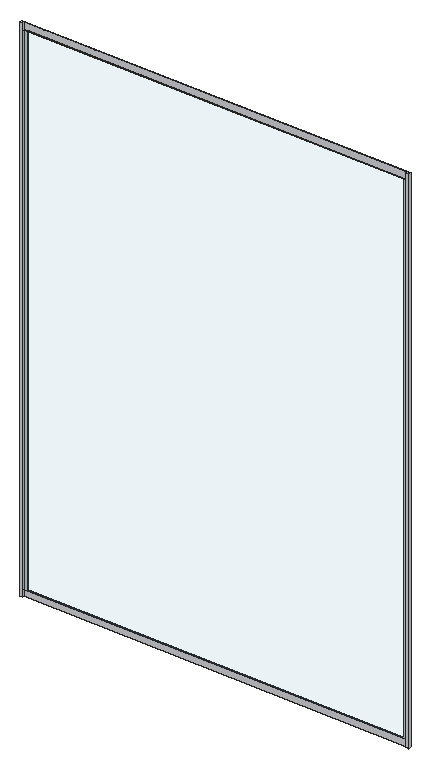
Revit family "ALSPEC HASTINGS 101.6 SGL GLZ", category Curtain Panels, Revit 2017
Family settings
  OmniClass Number = 23.25.20.14.11.11.17
  OmniClass Title = Infill Panels
  Always vertical = Yes
  Cut with Voids When Loaded = No
  Shared = No
Parameters
  YEAR = "2019"
  VERSION = "1.0"
  TODAYS DATE = "01.03.2019"
  SINGLE GLAZED THICKNESS = 25 mm
  OFFSET = 55.3 mm
  CREATOR = " Scott Isouard"  # constant formula
  COMPANY = "Archvis"  # constant formula
  Analytic Construction = "<None>"
  ANZRC Compliant = yes
  A = if(SINGLE GLAZED THICKNESS > 12.4 mm, 12.4 mm, if(SINGLE GLAZED THICKNESS < 4 mm, 4 mm, SINGLE GLAZED THICKNESS))  # 12.4 mm
Reference planes
  plane 1 "Center (Front/Back)": y = 0
  plane 2: z = 0
  plane 3 "Center (Left/Right)": x = 0
  plane 4 "Left": x = -1500
  plane 5 "Right": x = 1500
  plane 6 "Top": z = 4000
  plane 7: y = 55.3
  plane 8: y = 42.9
  plane 9: x = -1550
  plane 10: x = 1550
  plane 11: z = -50
  plane 12: z = 4050
  plane 13: y = 55.3
Forms (mm)
  Extrusion 1, solid, material "Glass"
    sketch origin (0, 0, 0) x (1, 0, 0) y (0, 1, 0)
      loop
        line (-1525, 42.9) -> (1525, 42.9) -> (1525, 55.3) -> (-1525, 55.3) -> (-1525, 42.9)
    from 0 to 4000
  Extrusion 2, solid
    sketch origin (-640, 0, 0) x (1, 0, 0) y (0, 1, 0)
      loop
        line (-860, 55.3) -> (2140, 55.3) -> (2140, 60.3) -> (-860, 60.3) -> (-860, 55.3)
    from 0 to -50
  Extrusion 3, solid
    sketch origin (-560, 0, 0) x (1, 0, 0) y (0, 1, 0)
      loop
        line (-940, 55.3) -> (2060, 55.3) -> (2060, 60.3) -> (-940, 60.3) -> (-940, 55.3)
    from 4050 to 4000
  Extrusion 4, solid
    sketch origin (0, 29, 0) x (1, 0, 0) y (0, 1, 0)
      loop
        line (-1550, 31.3) -> (-1550, 13.9) -> (-1525, 13.9) -> (-1525, 26.3) -> (-1500, 26.3) -> (-1500, 31.3) -> (-1550, 31.3)
    from -50 to 4050
  Extrusion 5, solid
    sketch origin (0, 29, 0) x (-1, 0, 0) y (0, -1, 0)
      loop
        line (-1550, -31.3) -> (-1500, -31.3) -> (-1500, -26.3) -> (-1525, -26.3) -> (-1525, -13.9) -> (-1550, -13.9) -> (-1550, -31.3)
    from -50 to 4050
Cuts and joins
  joined: Extrusion 2, Extrusion 3, Extrusion 4, Extrusion 5
Text (mm)
  text "Exterior" at (-2351.972, 1416.179, 0), in view "Ref. Level"
  text "Exterior" at (0, 2290.741, 4406.713), in view "Left"
  text "Exterior" at (0, 1328.187, 4120.349), in view "Right"
Dimensions and locks
  equal spacing: plane 4 "Left", plane 3 "Center (Left/Right)", plane 5 "Right"
  Extrusion 1 sketch curve to Extrusion 1 sketch curve = 12.4 mm
  "OFFSET": plane 7 to plane 1 "Center (Front/Back)"
  locked: plane 9 to plane 4 "Left" at 50
  locked: plane 5 "Right" to plane 10 at 50
  locked: plane 11 to plane 2 at 50
  locked: plane 6 "Top" to plane 12 at 50
  Extrusion 4 sketch curve to Extrusion 4 sketch curve = 17.4 mm
  locked: Extrusion 4 sketch curve to Extrusion 4 sketch curve at 25  (x2)
  locked: Extrusion 4 sketch curve to Extrusion 4 sketch curve at 5
  Extrusion 5 sketch curve to Extrusion 5 sketch curve = 17.4 mm
  locked: Extrusion 5 sketch curve to Extrusion 5 sketch curve at 25  (x2)
  locked: Extrusion 5 sketch curve to Extrusion 5 sketch curve at 5
  "OFFSET": plane 1 "Center (Front/Back)" to plane 13
  "A": plane 7 to plane 8
  aligned and locked: Extrusion 1 to plane 6 "Top"
  aligned and locked: plane 4 "Left" to Extrusion 2
  aligned and locked: Extrusion 2 to plane 5 "Right"
  aligned and locked: plane 11 to Extrusion 2
  aligned and locked: Extrusion 3 to plane 12
  aligned and locked: Extrusion 3 to plane 5 "Right"
  aligned and locked: plane 4 "Left" to Extrusion 3
  aligned and locked: Extrusion 2 to plane 2
  aligned and locked: plane 12 to Extrusion 3
  aligned and locked: Extrusion 3 to plane 6 "Top"
  aligned: Extrusion 4 to plane 6 "Top"
  aligned: Extrusion 4 to level
  aligned and locked: plane 13 to Extrusion 4
  aligned and locked: plane 13 to Extrusion 5
  aligned and locked: Extrusion 2 to Extrusion 4  (x2)
  aligned and locked: plane 13 to Extrusion 2
  aligned and locked: Extrusion 5 to Extrusion 3
  aligned and locked: Extrusion 3 to Extrusion 5  (x2)
  aligned: Extrusion 5 to plane 6 "Top"
  aligned: Extrusion 5 to plane 2
  aligned and locked: Extrusion 4 to Extrusion 3
  aligned and locked: Extrusion 5 to Extrusion 2
  aligned and locked: Extrusion 1 sketch curve to plane 8
  aligned and locked: Extrusion 4 sketch curve to Extrusion 1
  aligned and locked: Extrusion 5 sketch curve to Extrusion 1
Automatic sketch dimensions
  Extrusion 2 sketch curve to plane 4 "Left" = 0 mm
  Extrusion 2 sketch curve to plane 5 "Right" = 0 mm
  Extrusion 2 sketch curve to plane 1 "Center (Front/Back)" = 55.3 mm
  Extrusion 2 sketch curve to Extrusion 2 sketch curve = 5 mm
  Extrusion 3 sketch curve to plane 4 "Left" = 0 mm
  Extrusion 3 sketch curve to plane 5 "Right" = 0 mm
  Extrusion 3 sketch curve to plane 1 "Center (Front/Back)" = 55.3 mm
  Extrusion 3 sketch curve to Extrusion 3 sketch curve = 5 mm
  Extrusion 5 sketch curve to plane 10 = 0 mm
  Extrusion 4 sketch curve to plane 9 = 0 mm
  plane 4 "Left" to Extrusion 1 sketch curve = 25 mm
  Extrusion 1 sketch curve to plane 5 "Right" = 25 mm
